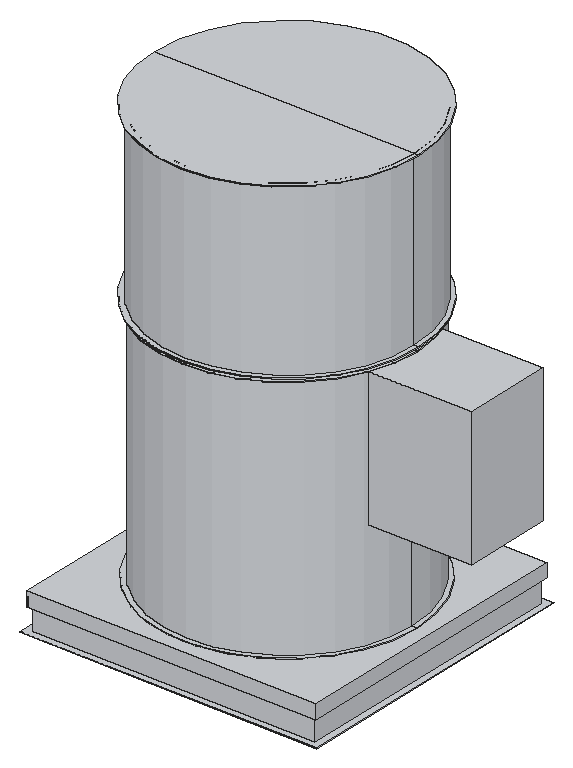
Revit family "TCNU-B", category Mechanical Equipment, Revit 2019
Family settings
  Round Connector Dimension = Use Diameter
  Part Type = Normal
  Work Plane-Based = No
  Always vertical = Yes
  Cut with Voids When Loaded = No
  Shared = No
  Room Calculation Point = No
Parameters (values of type "490_TCNU-B")
  Unit Weight [instance] = ""
  T_SQ/2 = T_SQ / 2  # 3' - 6"
  T_SQ = 7' - 0"
  Sones [instance] = ""
  RO/2 = RO / 2  # 3' - 3 3/4"
  RO = T_SQ - 0' 4 1/2"  # 6' - 7 1/2"
  Motor RPM [instance] = ""
  Motor Enclosure [instance] = ""
  ModelID [instance] = ""
  LwA [instance] = ""
  J/2 = J / 2  # 1' - 1"
  J = 2' - 2"
  H = 10' - 7 7/8"
  G = 3' - 4"
  Fan RPM [instance] = ""
  FAN_RAD = FAN_DIA / 2  # 3' - 0 1/2"
  FAN_DIA = 6' - 1"
  F = 8' - 10 1/2"
  E+A-1"-G = E + A - 0' 1" - G  # 2' - 11 1/2"
  E+A-1" = E + A - 0' 1"  # 6' - 3 1/2"
  E = 0' - 4"
  D/2 = D / 2  # 3' - 0 1/2"
  D = 6' - 1"
  CURB_HEIGHT [instance] = 0' - 9 1/2"
  CURB [instance] = yes
  C/2 = C / 2  # 3' - 2 5/8"
  C = 6' - 5 1/4"
  B = 4' - 3 3/8"
  Accessories [instance] = ""
  A-.5" = A - 0' 0 1/2"  # 6' - 0"
  A = 6' - 0 1/2"
  5" = 0' - 5"  # constant formula
  3" = 0' - 3"  # constant formula
  Brake Hp [instance] = ""
  4" = 0' - 4"  # constant formula
  2' = 2' - 0"
  2" = 0' - 2"  # constant formula
  1" = 0' - 1"  # constant formula
  0 = 0' - 0"  # constant formula
  Voltage [instance] = 0 V
  URL = "www.lorencook.com"
  Type Comments = "Tubular Centrifugal Upblast Roof Mounted / Exhaust Belt Drive"  # constant formula
  Static Pressure [instance] = 0.00 in-wg
  Power [instance] = Voltage * Motor FLA * sqrt(if(Phase = 3, 3, 1))  # 0 VA
  Phase [instance] = 0
  Number of Poles [instance] = 1
  Motor Hp [instance] = "0"
  Motor FLA [instance] = 0 A
  Model = "TCNU-B"  # constant formula
  Manufacturer = "Loren Cook Company"
  CFM [instance] = 0 CFM
  1.5 = 0' - 1 1/2"  # constant formula
  ONE EIGTH = 0' - 0 1/8"  # constant formula
  (T_SQ/2)+.125" = (T_SQ / 2) + 0' 0 1/8"  # 3' - 6 1/8"
  (D+.25")/2 = (D + 0' 0 1/4") / 2  # 3' - 0 5/8"
  (B/2)-.5" = (B / 2) - 0' 0 1/2"  # 2' - 1 3/16"
Types (21): name | T_SQ/2 | T_SQ | RO/2 | RO | J/2 | J | H | G | FAN_RAD | FAN_DIA | F | E+A-1"-G | E+A-1" | E | D/2 | D | C/2 | C | B | A-.5" | A | (T_SQ/2)+.125" | (D+.25")/2 | (B/2)-.5"
  (no name) | 3' - 6" | 7' - 0" | 3' - 3 3/4" | 6' - 7 1/2" | 1' - 1" | 2' - 2" | 10' - 7 7/8" | 3' - 4" | 3' - 0 1/2" | 6' - 1" | 8' - 10 1/2" | 2' - 11 1/2" | 6' - 3 1/2" | 0' - 4" | 3' - 0 1/2" | 6' - 1" | 3' - 2 5/8" | 6' - 5 1/4" | 4' - 3 3/8" | 6' - 0" | 6' - 0 1/2" | 3' - 6 1/8" | 3' - 0 5/8" | 2' - 1 3/16"
  100_TCNU-B | 1' - 0" | 2' - 0" | 0' - 9 3/4" | 1' - 7 1/2" | 0' - 6 1/2" | 1' - 1" | 3' - 3 7/8" | 1' - 6" | 0' - 8" | 1' - 4" | 2' - 9 1/4" | 0' - 6" | 2' - 0" | 0' - 3" | 0' - 8" | 1' - 4" | 0' - 9 1/2" | 1' - 7" | 1' - 2 7/8" | 1' - 9 1/2" | 1' - 10" | 1' - 0 1/8" | 0' - 8 1/8" | 0' - 6 15/16"
  120_TCNU-B | 1' - 0" | 2' - 0" | 0' - 9 3/4" | 1' - 7 1/2" | 0' - 6 1/2" | 1' - 1" | 3' - 5 15/16" | 1' - 6" | 0' - 9" | 1' - 6" | 2' - 11" | 0' - 7" | 2' - 1" | 0' - 3" | 0' - 9" | 1' - 6" | 0' - 10 1/2" | 1' - 9" | 1' - 3 15/16" | 1' - 10 1/2" | 1' - 11" | 1' - 0 1/8" | 0' - 9 1/8" | 0' - 7 15/32"
  135_TCNU-B | 1' - 2" | 2' - 4" | 0' - 11 3/4" | 1' - 11 1/2" | 0' - 6 1/2" | 1' - 1" | 3' - 9 1/2" | 1' - 6" | 0' - 10 1/2" | 1' - 9" | 3' - 3 1/8" | 0' - 8 1/2" | 2' - 2 1/2" | 0' - 3" | 0' - 10 1/2" | 1' - 9" | 1' - 0" | 2' - 0" | 1' - 6" | 2' - 0" | 2' - 0 1/2" | 1' - 2 1/8" | 0' - 10 5/8" | 0' - 8 1/2"
  150_TCNU-B | 1' - 3" | 2' - 6" | 1' - 0 3/4" | 2' - 1 1/2" | 0' - 8 3/8" | 1' - 4 3/4" | 4' - 1 15/16" | 1' - 10" | 1' - 0" | 2' - 0" | 3' - 5 3/4" | 0' - 7" | 2' - 5" | 0' - 3" | 1' - 0" | 2' - 0" | 1' - 1 1/2" | 2' - 3" | 1' - 7 15/16" | 2' - 2 1/2" | 2' - 3" | 1' - 3 1/8" | 1' - 0 1/8" | 0' - 9 15/32"
  165_TCNU-B | 1' - 3" | 2' - 6" | 1' - 0 3/4" | 2' - 1 1/2" | 0' - 8 3/8" | 1' - 4 3/4" | 4' - 4 3/8" | 1' - 10" | 1' - 1" | 2' - 2" | 3' - 7 3/16" | 0' - 8 1/2" | 2' - 6 1/2" | 0' - 3" | 1' - 1" | 2' - 2" | 1' - 2 1/2" | 2' - 5" | 1' - 8 7/8" | 2' - 4" | 2' - 4 1/2" | 1' - 3 1/8" | 1' - 1 1/8" | 0' - 9 15/16"
  180_TCNU-B | 1' - 6" | 3' - 0" | 1' - 3 3/4" | 2' - 7 1/2" | 0' - 8 3/8" | 1' - 4 3/4" | 4' - 8 1/16" | 1' - 10" | 1' - 2" | 2' - 4" | 3' - 11 9/16" | 0' - 11" | 2' - 9" | 0' - 3" | 1' - 2" | 2' - 4" | 1' - 3 1/2" | 2' - 7" | 1' - 10 1/16" | 2' - 6 1/2" | 2' - 7" | 1' - 6 1/8" | 1' - 2 1/8" | 0' - 10 17/32"
  195_TCNU-B | 1' - 7" | 3' - 2" | 1' - 4 3/4" | 2' - 9 1/2" | 0' - 8 3/8" | 1' - 4 3/4" | 5' - 0 11/16" | 1' - 10" | 1' - 3 1/2" | 2' - 7" | 4' - 2 7/16" | 1' - 1 1/4" | 2' - 11 1/4" | 0' - 3" | 1' - 3 1/2" | 2' - 7" | 1' - 5" | 2' - 10" | 2' - 0 7/16" | 2' - 8 3/4" | 2' - 9 1/4" | 1' - 7 1/8" | 1' - 3 5/8" | 0' - 11 23/32"
  210_TCNU-B | 1' - 9" | 3' - 6" | 1' - 6 3/4" | 3' - 1 1/2" | 0' - 8 3/8" | 1' - 4 3/4" | 5' - 4 1/16" | 1' - 10" | 1' - 5" | 2' - 10" | 4' - 6 1/4" | 1' - 2 1/2" | 3' - 0 1/2" | 0' - 3" | 1' - 5" | 2' - 10" | 1' - 6 1/2" | 3' - 1" | 2' - 2 9/16" | 2' - 10" | 2' - 10 1/2" | 1' - 9 1/8" | 1' - 5 1/8" | 1' - 0 25/32"
  225_TCNU-B | 1' - 9" | 3' - 6" | 1' - 6 3/4" | 3' - 1 1/2" | 0' - 9" | 1' - 6" | 5' - 5 3/4" | 2' - 1" | 1' - 6" | 3' - 0" | 4' - 11" | 1' - 0 1/2" | 3' - 1 1/2" | 0' - 3" | 1' - 6" | 3' - 0" | 1' - 8 1/8" | 3' - 4 1/4" | 2' - 3 1/4" | 2' - 11" | 2' - 11 1/2" | 1' - 9 1/8" | 1' - 6 1/8" | 1' - 1 1/8"
  245_TCNU-B | 2' - 0" | 4' - 0" | 1' - 9 3/4" | 3' - 7 1/2" | 0' - 9" | 1' - 6" | 6' - 1 5/8" | 2' - 1" | 1' - 8" | 3' - 4" | 5' - 4 5/16" | 1' - 6" | 3' - 7" | 0' - 3" | 1' - 8" | 3' - 4" | 1' - 10 1/8" | 3' - 8 1/4" | 2' - 5 5/8" | 3' - 4 1/2" | 3' - 5" | 2' - 0 1/8" | 1' - 8 1/8" | 1' - 2 5/16"
  270_TCNU-B | 2' - 3" | 4' - 6" | 2' - 0 3/4" | 4' - 1 1/2" | 0' - 10 1/2" | 1' - 9" | 6' - 10" | 2' - 6" | 1' - 10" | 3' - 8" | 5' - 11 11/16" | 1' - 6 1/2" | 4' - 0 1/2" | 0' - 3" | 1' - 10" | 3' - 8" | 2' - 0 1/8" | 4' - 0 1/4" | 2' - 8 1/2" | 3' - 10" | 3' - 10 1/2" | 2' - 3 1/8" | 1' - 10 1/8" | 1' - 3 3/4"
  300_TCNU-B | 2' - 3" | 4' - 6" | 2' - 0 3/4" | 4' - 1 1/2" | 0' - 10 1/2" | 1' - 9" | 7' - 2 9/16" | 2' - 6" | 2' - 0" | 4' - 0" | 6' - 1 15/16" | 1' - 8 1/4" | 4' - 2 1/4" | 0' - 3" | 2' - 0" | 4' - 0" | 2' - 2 1/8" | 4' - 4 1/4" | 2' - 11 5/16" | 3' - 11 3/4" | 4' - 0 1/4" | 2' - 3 1/8" | 2' - 0 1/8" | 1' - 5 5/32"
  60_TCNU-B | 1' - 0" | 2' - 0" | 0' - 9 3/4" | 1' - 7 1/2" | 0' - 6 1/2" | 1' - 1" | 3' - 3 7/8" | 1' - 6" | 0' - 8" | 1' - 4" | 2' - 9 1/4" | 0' - 6" | 2' - 0" | 0' - 3" | 0' - 8" | 1' - 4" | 0' - 9 1/2" | 1' - 7" | 1' - 2 7/8" | 1' - 9 1/2" | 1' - 10" | 1' - 0 1/8" | 0' - 8 1/8" | 0' - 6 15/16"
  70_TCNU-B | 1' - 0" | 2' - 0" | 0' - 9 3/4" | 1' - 7 1/2" | 0' - 6 1/2" | 1' - 1" | 3' - 3 7/8" | 1' - 6" | 0' - 8" | 1' - 4" | 2' - 9 1/4" | 0' - 6" | 2' - 0" | 0' - 3" | 0' - 8" | 1' - 4" | 0' - 9 1/2" | 1' - 7" | 1' - 2 7/8" | 1' - 9 1/2" | 1' - 10" | 1' - 0 1/8" | 0' - 8 1/8" | 0' - 6 15/16"
  80_TCNU-B | 1' - 0" | 2' - 0" | 0' - 9 3/4" | 1' - 7 1/2" | 0' - 6 1/2" | 1' - 1" | 3' - 3 7/8" | 1' - 6" | 0' - 8" | 1' - 4" | 2' - 9 1/4" | 0' - 6" | 2' - 0" | 0' - 3" | 0' - 8" | 1' - 4" | 0' - 9 1/2" | 1' - 7" | 1' - 2 7/8" | 1' - 9 1/2" | 1' - 10" | 1' - 0 1/8" | 0' - 8 1/8" | 0' - 6 15/16"
  330_TCNU-B | 2' - 6" | 5' - 0" | 2' - 3 3/4" | 4' - 7 1/2" | 0' - 10 1/2" | 1' - 9" | 7' - 8 3/16" | 2' - 6" | 2' - 2" | 4' - 4" | 6' - 7 3/16" | 2' - 0" | 4' - 6" | 0' - 3" | 2' - 2" | 4' - 4" | 2' - 4 1/8" | 4' - 8 1/4" | 3' - 1 3/16" | 4' - 3 1/2" | 4' - 4" | 2' - 6 1/8" | 2' - 2 1/8" | 1' - 6 3/32"
  365_TCNU-B | 2' - 7" | 5' - 2" | 2' - 4 3/4" | 4' - 9 1/2" | 0' - 10 1/2" | 1' - 9" | 7' - 11 9/16" | 2' - 6" | 2' - 3" | 4' - 6" | 6' - 9 3/8" | 2' - 2" | 4' - 8" | 0' - 3" | 2' - 3" | 4' - 6" | 2' - 5 1/8" | 4' - 10 1/4" | 3' - 2 9/16" | 4' - 5 1/2" | 4' - 6" | 2' - 7 1/8" | 2' - 3 1/8" | 1' - 6 25/32"
  402_TCNU-B | 3' - 0" | 6' - 0" | 2' - 9 3/4" | 5' - 7 1/2" | 1' - 1" | 2' - 2" | 8' - 9 1/2" | 3' - 4" | 2' - 6" | 5' - 0" | 7' - 9 3/8" | 1' - 9 1/2" | 5' - 1 1/2" | 0' - 3" | 2' - 6" | 5' - 0" | 2' - 8 1/8" | 5' - 4 1/4" | 3' - 7" | 4' - 11" | 4' - 11 1/2" | 3' - 0 1/8" | 2' - 6 1/8" | 1' - 9"
  445_TCNU-B | 3' - 2" | 6' - 4" | 2' - 11 3/4" | 5' - 11 1/2" | 1' - 1" | 2' - 2" | 9' - 7 1/16" | 3' - 4" | 2' - 9" | 5' - 6" | 8' - 2 11/16" | 2' - 4" | 5' - 8" | 0' - 3" | 2' - 9" | 5' - 6" | 2' - 11 1/8" | 5' - 10 1/4" | 3' - 10 1/16" | 5' - 5 1/2" | 5' - 6" | 3' - 2 1/8" | 2' - 9 1/8" | 1' - 10 17/32"
  490_TCNU-B | 3' - 6" | 7' - 0" | 3' - 3 3/4" | 6' - 7 1/2" | 1' - 1" | 2' - 2" | 10' - 7 7/8" | 3' - 4" | 3' - 0 1/2" | 6' - 1" | 8' - 10 1/2" | 2' - 11 1/2" | 6' - 3 1/2" | 0' - 4" | 3' - 0 1/2" | 6' - 1" | 3' - 2 5/8" | 6' - 5 1/4" | 4' - 3 3/8" | 6' - 0" | 6' - 0 1/2" | 3' - 6 1/8" | 3' - 0 5/8" | 2' - 1 3/16"
Reference planes (in)
  plane 1 "Center (Front/Back)": y = 0
  plane 2: z = 0
  plane 3 "Center (Left/Right)": x = 0.40541
Forms (in)
  Extrusion 1, solid
    sketch origin (0, 0, 0) x (1, 0, 0) y (0, 1, 0)
      loop
        line (-41.71959, 42.125) -> (-41.71959, -42.125) -> (42.53041, -42.125) -> (42.53041, 42.125) -> (-41.71959, 42.125)
    from 0 to 4 <- "E"
  Extrusion 2, void
    sketch origin (0, 0, 0) x (1, 0, 0) y (0, 1, 0)
      loop
        line (-41.59459, 42) -> (-41.59459, -42) -> (42.40541, -42) -> (42.40541, 42) -> (-41.59459, 42)
    from 0 to 2.875
  Revolve 3, solid
    sketch origin (0, 0, 0) x (1, 0, 0) y (0, 0, 1)
      loop
        line (0.40541, 4) -> (38.53041, 4) -> (38.53041, 4.125) -> (37.03041, 4.125) -> (37.03041, 76.375) -> (38.53041, 76.375) -> (38.53041, 76.5) -> (35.53041, 76.5) -> (35.53041, 77.5) -> (39.03041, 77.5) -> (39.03041, 77.625) -> (37.53041, 77.625) -> (37.53041, 127.75) -> (39.03041, 127.75) -> (39.03041, 127.875) -> (0.40541, 127.875) -> (0.40541, 4)
      axis (0.40541, 127.875) -> (0.40541, 4)
    angle from 0 to 360
  Extrusion 4, solid
    sketch origin (0, 0, 0) x (1, 0, 0) y (0, 1, 0)
      loop
        arc (34.6456, 13) -> (37.03041, 0) -> (34.6456, -13) r 36.625
        line (34.6456, -13) -> (64.78041, -13) -> (64.78041, 13) -> (34.6456, 13)
    from 35.5 <- "E+A-1"-G" to 75.5 <- "E+A-1""
  Extrusion 5, solid, visible <- "CURB"
    sketch origin (0, 0, 2.875) x (0, 1, 0) y (1, 0, 0)
      loop
        line (-39.75, -39.34459) -> (39.75, -39.34459) -> (39.75, 40.15541) -> (-39.75, 40.15541) -> (-39.75, -39.34459)
      loop
        line (41.25, 41.65541) -> (-41.25, 41.65541) -> (-41.25, -40.84459) -> (41.25, -40.84459) -> (41.25, 41.65541)
    from 0 to 9.5 <- "CURB_HEIGHT"
  Extrusion 6, solid, visible <- "CURB"
    sketch origin (0, 0, -6.625) x (-1, 0, 0) y (0, 1, 0)
      loop
        line (40.84459, -41.25) -> (40.84459, 41.25) -> (-41.65541, 41.25) -> (-41.65541, -41.25) -> (40.84459, -41.25)
      loop
        line (-43.65541, 43.25) -> (-43.65541, -43.25) -> (42.84459, -43.25) -> (42.84459, 43.25) -> (-43.65541, 43.25)
    from 0 to -0.125
Cuts and joins
  Extrusion 2 cuts Extrusion 1
Dimensions and locks (in)
  "(T_SQ/2)+.125"": Extrusion 1 sketch curve to plane 3 "Center (Left/Right)"
  "(T_SQ/2)+.125"": plane 3 "Center (Left/Right)" to Extrusion 1 sketch curve
  "(T_SQ/2)+.125"": plane 1 "Center (Front/Back)" to Extrusion 1 sketch curve
  "(T_SQ/2)+.125"": Extrusion 1 sketch curve to plane 1 "Center (Front/Back)"
  "ONE EIGTH": Extrusion 2 sketch curve to Extrusion 1  (x2)
  "ONE EIGTH": Extrusion 1 to Extrusion 2 sketch curve  (x2)
  "0": Revolve 3 sketch curve to cut or joined group of Extrusion 1, Extrusion 2
  "ONE EIGTH": Revolve 3 sketch curve to Revolve 3 sketch curve  (x4)
  "0": Revolve 3 sketch curve to plane 3 "Center (Left/Right)"  (x2)
  "H": Revolve 3 sketch curve to level
  "(D+.25")/2": Revolve 3 sketch curve to plane 3 "Center (Left/Right)"
  "1.5": Revolve 3 sketch curve to Revolve 3 sketch curve  (x5)
  "0": Extrusion 4 sketch curve to plane 3 "Center (Left/Right)"
  "0": Extrusion 4 sketch curve to plane 1 "Center (Front/Back)"
  "J/2": plane 1 "Center (Front/Back)" to Extrusion 4 sketch curve
  "J/2": Extrusion 4 sketch curve to plane 1 "Center (Front/Back)"
  "F": cut or joined group of Extrusion 1, Extrusion 2 to Extrusion 4 sketch curve
  "A": Revolve 3 sketch curve to cut or joined group of Extrusion 1, Extrusion 2
  "1"": Revolve 3 sketch curve to Revolve 3 sketch curve
  "C/2": Revolve 3 sketch curve to plane 3 "Center (Left/Right)"
  "1.5": Extrusion 5 sketch curve to Extrusion 5 sketch curve  (x4)
  "RO/2": Extrusion 5 sketch curve to plane 3 "Center (Left/Right)"
  "RO/2": plane 3 "Center (Left/Right)" to Extrusion 5 sketch curve
  "RO/2": Extrusion 5 sketch curve to plane 1 "Center (Front/Back)"  (x2)
  "2"": Extrusion 6 sketch curve to Extrusion 6 sketch curve  (x4)
  "0": Extrusion 5 to Extrusion 6 sketch curve
  "0": Extrusion 6 sketch curve to Extrusion 5  (x3)
  "(D+.25")/2": radius of Extrusion 4 sketch curve
Automatic sketch dimensions
  Extrusion 4 sketch curve to Extrusion 4 sketch curve = 0' - 0"
  Revolve 3 sketch curve to level = 0' - 0"
  Revolve 3 sketch curve to level = 0' - 4"
Connectors (in)
  electrical at (49.71301, 0, 35.5)
    settings: on Extrusion 4, index 1, voltage 0 V, apparent load 0 VA, apparent load phase1 0 VA, apparent load phase2 0 VA, apparent load phase3 0 VA, power factor 1, load classification "Other", number of poles 1, system type 30, power factor state 1, is connector primary yes, connector utility no, sub classification motor no, connector description ""
  hvac at (0.40541, 0, 2.875), driven by "CFM", driven by "RO", driven by "RO"
    settings: on cut or joined group of Extrusion 1, Extrusion 2, index 2, duct flow 0 CFM, flow factor 0, pres drop 0.00 in-wg, loss coef 0, conn angle 0.00°, conn width 79 1/2", conn height 79 1/2", conn diameter 24", duct sys type 3, conn prof type 1, flow config 0, flow direction 1, loss method 0, conn ref index -1, conn util no, is conn primary yes, conn desc ""
